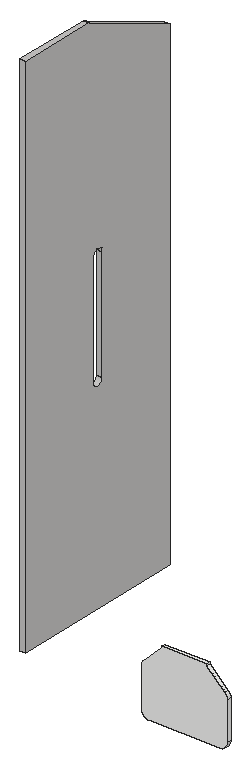
Revit family "Dozownik_mydla_w_pianie 1l HIT", category Furniture, host Wall, Revit 2019
Family settings
  Host = Wall
  Always vertical = Yes
  Cut with Voids When Loaded = No
  Shared = No
  Room Calculation Point = No
Parameters (values of type "SF1002SJB")
  Width / Szerokosc = 100 mm  # constant formula
  Weight / Waga = "1.05 kg"
  URL = "https://faneco.com/dozownik-mydla-w-pianie-1l-hit.html"
  Type Comments = "Dozownik mydła w pianie 1l HIT"
  Product code / Kod produktu = "SF1002SJB"
  Model = "HIT"
  Material finish / Wykonczenie = "Stal nierdzewna 304 szczotkowana"
  Material = Stal nierdzewna szczotkowana
  Manufacturer code / Kod producenta = "5901764295846"
  Manufacturer = "FANECO.com"
  Height / Wysokosc = 280 mm  # constant formula
  Description = "Dozownik mydła w pianie 1 l HIT jest bardzo mocnym i odpornym na uszkodzenia naściennym podajnikiem, który wykonano ze stali nierdzewnej matowej. To elegancki, nowoczesny i funkcjonalny element wyposażenia toalet publicznych. Dzięki dużej pojemności świetnie pasuje do pomieszczeń o wysokim natężeniu ruchu. Okienko umożliwia sprawne kontrolowanie poziomu mydła wewnątrz dozownika, a ergonomiczny przycisk gwarantuje komfort jego użytkowania."
  Depth / Glebokosc = 100 mm  # constant formula
  Color / Kolor = ""
Reference planes
  plane 1 "Wall": y = 0
  plane 2 "Center (Left/Right)": x = 125
  plane 3 "Back": y = 75
Text (mm)
  text "Placement Side" at (-1848.837, 1116.779, 0), in view "Ref. Level"
  text "Placement side" at (0, 1409.804, 2854.306), in view "Left"
  text "Placement side" at (0, 499.811, 2980.732), in view "Right"
Dimensions and locks
  locked: plane 3 "Back" to host wall
  aligned and locked: plane 1 "Wall" to host wall
Nested families
  nested 1: "Low_detail" at (125, 75, 1140) x (-1, 0, 0) z (0, 1, 0), Material <- "Material", G <- "Depth / Glebokosc", S <- "Width / Szerokosc", W <- "Height / Wysokosc", type "Low_detail", detail levels coarse
    with W 280 mm, S 100 mm, Material Stal nierdzewna szczotkowana, G 100 mm
  nested 2: "SA1002SJB_medium" at (125, 75, 1284) x (-1, 0, 0) z (0, 1, 0), type "SA1002SJB_medium", detail levels medium
  nested 3: "SA1002SJB_high" at (125, 75, 1280) x (-1, 0, 0) z (0, 1, 0), type "SA1002SJB_high", detail levels fine
Definition of nested family "Low_detail"
  Parameters
    W [instance] = 721.812 mm
    S [instance] = 880 mm
    Material [instance] = none
    G [instance] = 250 mm
    Default Elevation = 1219.2 mm
  Reference planes
    plane 1 "Center (Front/Back)": y = 0
    plane 2: z = 0
    plane 3 "Center (Left/Right)": x = 0
    plane 4: x = -440
    plane 5: x = 440
    plane 6: y = 360.906
    plane 7: y = -360.906
  Forms (mm)
    Extrusion 1, solid
      sketch origin (0, 0, 0) x (1, 0, 0) y (0, 1, 0)
        loop
          line (-1219.2, 1219.2) -> (-1219.2, -1219.2) -> (1219.2, -1219.2) -> (1219.2, 1219.2) -> (-1219.2, 1219.2)
      from 0 to -304.8
    Extrusion 2, solid, material <- "Material"
      sketch origin (0, 0, 0) x (1, 0, 0) y (0, 1, 0)
        loop
          line (-440, 360.906) -> (-440, -360.906) -> (440, -360.906) -> (440, 360.906) -> (-440, 360.906)
      from 0 to 250 <- "G"
  Dimensions and locks
    equal spacing: plane 4, plane 3 "Center (Left/Right)", plane 5
    "S": plane 4 to plane 5
    equal spacing: plane 6, plane 1 "Center (Front/Back)", plane 7
    "W": plane 6 to plane 7
    aligned and locked: plane 2 to Extrusion 1
    aligned and locked: level to Extrusion 1
    aligned and locked: Extrusion 2 sketch curve to plane 6
    aligned and locked: plane 4 to Extrusion 2 sketch curve
    aligned and locked: plane 7 to Extrusion 2 sketch curve
    aligned and locked: Extrusion 2 sketch curve to plane 5
  Automatic sketch dimensions
    Extrusion 1 sketch curve to Extrusion 1 sketch curve = 2438.4 mm  (x2)
Definition of nested family "SA1002SJB_medium"
  Parameters (values of type "SA1002SJB_medium")
    Material_raczka = none
    Material = none
    Default Elevation = 1219.2 mm
  Reference planes
    plane 1 "Center (Front/Back)": y = 0
    plane 2: z = 0
    plane 3 "Center (Left/Right)": x = 0
  Forms (mm)
    Extrusion 1, solid
      sketch origin (0, 0, 0) x (1, 0, 0) y (0, 1, 0)
        loop
          line (-1219.2, 1219.2) -> (-1219.2, -1219.2) -> (1219.2, -1219.2) -> (1219.2, 1219.2) -> (-1219.2, 1219.2)
      from 0 to -304.8
    Extrusion 2, solid, material <- "Material"
      sketch origin (0, 0, 0) x (0, 1, 0) y (0, 0, 1)
        loop
          line (-4, 45) -> (-29, 100) -> (-284, 100) -> (-284, 0) -> (-4, 0) -> (-4, 45)
        loop
          line (-7, 44.35) -> (-30.932, 97) -> (-281, 97) -> (-281, 3) -> (-7, 3) -> (-7, 44.35)
      from -50 to 50
    Extrusion 3, solid
      sketch origin (-50, -4, 22.5) x (0, 0, 1) y (1, 0, 0)
        loop
          circle (7.286, 50) r 10
      from 0 to 4
    Extrusion 4, solid, material <- "Material"
      sketch origin (-50, 0, 0) x (0, -1, 0) y (0, 0, 1)
        loop
          line (284, 100) -> (29, 100) -> (4, 45) -> (4, 0) -> (284, 0) -> (284, 100)
      from -3 to 0
    Extrusion 5, solid, material <- "Material"
      sketch origin (50, 0, 0) x (0, -1, 0) y (0, 0, -1)
        loop
          line (284, -100) -> (284, 0) -> (4, 0) -> (4, -45) -> (29, -100) -> (284, -100)
      from -3 to 0
    Extrusion 6, void
      sketch origin (0, -30.932, 100) x (1, 0, 0) y (0, -1, 0)
        loop
          arc (0, 63.12) -> (-2.708, 74.768) -> (0, 86.416) r 26.405
          arc (0, 86.416) -> (3.255, 94.05) -> (5.669, 101.991) r 77.023
          arc (5.669, 101.991) -> (4.955, 113.056) -> (0, 122.976) r 27.983
          arc (0, 122.976) -> (1.933, 112.381) -> (1.442, 101.622) r 47.751
          arc (1.442, 101.622) -> (-1.876, 93.133) -> (-5.386, 84.723) r 400.995
          arc (-5.386, 84.723) -> (-5.825, 73.14) -> (0, 63.12) r 20.811
      from 0 to 2
    Extrusion 7, void
      sketch origin (-50, 0, 0) x (0, 1, 0) y (0, 0, 1)
        loop
          line (-118, 53) -> (-177, 53)
          arc (-177, 53) -> (-180, 50) -> (-177, 47) r 3
          line (-177, 47) -> (-118, 47)
          arc (-118, 47) -> (-115, 50) -> (-118, 53) r 3
      from 0 to 2
    Extrusion 8, void
      sketch origin (50, 0, 0) x (0, 1, 0) y (0, 0, -1)
        loop
          arc (-118, -53) -> (-115, -50) -> (-118, -47) r 3
          line (-118, -47) -> (-177, -47)
          arc (-177, -47) -> (-180, -50) -> (-177, -53) r 3
          line (-177, -53) -> (-118, -53)
      from 0 to 2
    Extrusion 9, solid, material <- "Material_raczka"
      sketch origin (-50, 0, 0) x (0, -1, 0) y (0, 0, 1)
        loop
          line (284, 44.763) -> (288.465, 48) -> (288.465, 50) -> (284, 51.773) -> (284, 44.763)
      from -61.881 to -38.119
    Extrusion 10, solid, material <- "Material_raczka"
      sketch origin (0, 0, 0) x (1, 0, 0) y (0, 1, 0)
        loop
          line (-22.5, -301.191) -> (-22.5, -321.298)
          arc (-22.5, -321.298) -> (-21.328, -324.126) -> (-18.5, -325.298) r 4
          line (-18.5, -325.298) -> (18.5, -325.298)
          arc (18.5, -325.298) -> (21.328, -324.126) -> (22.5, -321.298) r 4
          line (22.5, -321.298) -> (22.5, -301.191)
          arc (22.5, -301.191) -> (22.18, -299.623) -> (21.27, -298.306) r 4
          line (21.27, -298.306) -> (11.881, -289.293) -> (11.881, -288.465) -> (-11.881, -288.465) -> (-11.881, -289.293) -> (-21.27, -298.306)
          arc (-21.27, -298.306) -> (-22.18, -299.623) -> (-22.5, -301.191) r 4
        loop
          line (-17.5, -301.618) -> (-17.5, -320.298) -> (17.5, -320.298) -> (17.5, -301.618) -> (9.006, -293.465) -> (-9.006, -293.465) -> (-17.5, -301.618)
      from 48 to 50
    Extrusion 11, solid, material <- "Material_raczka"
      sketch origin (0, 0, 50) x (1, 0, 0) y (0, 1, 0)
        loop
          line (-17.5, -301.618) -> (-17.5, -320.298) -> (17.5, -320.298) -> (17.5, -301.618) -> (9.006, -293.465) -> (-9.006, -293.465) -> (-17.5, -301.618)
      from -1 to -2
  Cuts and joins
    Extrusion 6, Extrusion 7, Extrusion 8 cuts Extrusion 2
    Extrusion 6, Extrusion 7, Extrusion 8 cuts Extrusion 4
    Extrusion 6, Extrusion 7, Extrusion 8 cuts Extrusion 5
    joined: Extrusion 2, Extrusion 4, Extrusion 5
  Dimensions and locks
    aligned and locked: plane 2 to Extrusion 1
    aligned and locked: level to Extrusion 1
Definition of nested family "SA1002SJB_high"
  Parameters
    Default Elevation = 1219.2 mm
  Reference planes
    plane 1 "Center (Front/Back)": y = 0
    plane 2: z = 0
    plane 3 "Center (Left/Right)": x = 0
  Forms (mm)
    Extrusion 1, solid
      sketch origin (0, 0, 0) x (1, 0, 0) y (0, 1, 0)
        loop
          line (-1219.2, 1219.2) -> (-1219.2, -1219.2) -> (1219.2, -1219.2) -> (1219.2, 1219.2) -> (-1219.2, 1219.2)
      from 0 to -304.8
    Extrusion 2, solid
      sketch origin (0, 0, 0) x (0, 1, 0) y (0, 0, 1)
        loop
          line (-26.919, 97) -> (-280, 97) -> (-280, 3.04) -> (-3.06, 3.04) -> (-3.06, 44.51) -> (-26.919, 97)
      from 46.999 to 50.013
    Extrusion 3, solid
      sketch origin (0, 0, 0) x (1, 0, 0) y (0, 1, 0)
        loop
          line (-11.881, -285.293) -> (-21.27, -294.306)
          arc (-21.27, -294.306) -> (-22.18, -295.623) -> (-22.5, -297.191) r 4
          line (-22.5, -297.191) -> (-22.5, -317.298)
          arc (-22.5, -317.298) -> (-21.328, -320.126) -> (-18.5, -321.298) r 4
          line (-18.5, -321.298) -> (18.5, -321.298)
          arc (18.5, -321.298) -> (21.328, -320.126) -> (22.5, -317.298) r 4
          line (22.5, -317.298) -> (22.5, -297.191)
          arc (22.5, -297.191) -> (22.18, -295.623) -> (21.27, -294.306) r 4
          line (21.27, -294.306) -> (11.881, -285.293) -> (11.881, -284.417) -> (-11.881, -284.417) -> (-11.881, -285.293)
      from 48.028 to 50.026
    Extrusion 4, void
      sketch origin (0, 0, 0) x (0, 1, 0) y (0, 0, 1)
        loop
          line (-114, 53) -> (-173, 53)
          arc (-173, 53) -> (-176, 50) -> (-173, 47) r 3
          line (-173, 47) -> (-114, 47)
          arc (-114, 47) -> (-111, 50) -> (-114, 53) r 3
      from 46.999 to 51.5
  Cuts and joins
    Extrusion 4 cuts Extrusion 2
  Dimensions and locks
    aligned and locked: plane 2 to Extrusion 1
    aligned and locked: level to Extrusion 1
